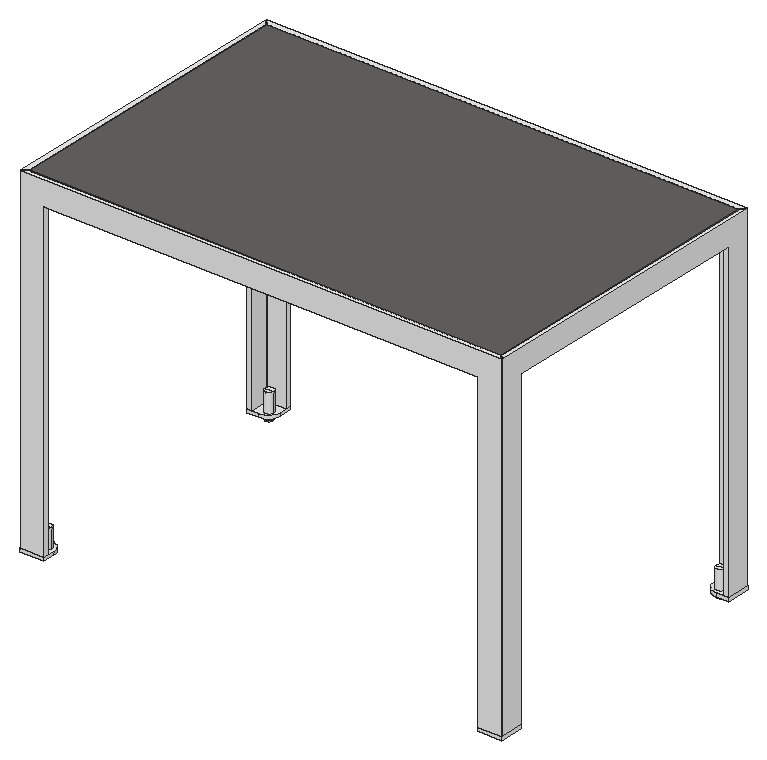
Revit family "Table-Multi_Use-Teknion-PRBA-R2014", category Furniture, Revit 2014
Parameters (values of type "(See Type Catalog)")
  Width = 40.33594"
  Warranty = "http://www.teknionstudio.com/pdfs/Teknion%20Studio%20Warranty.pdf"
  Unit Weight = 0.00 lbf
  URL = "www.teknionstudio.com"
  Table Top Finish = Veneer - Teknion - P7 - Grey Oak
  Series = "B&B Italia"
  Product Page URL = "http://www.teknionstudio.com/progetto1/"
  Product Line = "Progetto"
  Product Documentation Link = "http://www.teknion.com/pricing/studio/pdfs/PRBA_ppg.pdf"
  Part Number = "PRBA"
  Model = ""
  Manufacturer Phone = "919-464-2920"
  Manufacturer Fax = "919-464-2927"
  Manufacturer Email = "customersupport@teknionstudio.com"
  Manufacturer Address = "3941 US 70 Business HWY West, Clayton, NC 27520"
  Manufacturer = "StudioTK"  # constant formula
  Low Emitting Material = yes
  Low Emitting Finish = yes
  Interior Frame Finish = none
  Height = 28.93719"
  Foot Offset = if(Adjustable Foot, 0.625", 0.250")  # 0.625"
  Fixed Foot = not(Adjustable Foot)  # no
  Exterior Frame Finish = Metal - Teknion - C6 - Chrome
  Description = ""
  Depth = 25.76953"
  Assembly Code = "E2020200"
  Adjustable Foot = yes
Reference planes (in)
  plane 1 "Center F/B": y = 0
  plane 2: z = 0
  plane 3 "Center L/R": x = 0
  plane 4 "Left": x = -20.16797
  plane 5 "Right": x = 20.16797
  plane 6 "Back": y = 12.88477
  plane 7 "Front": y = -12.88477
  plane 8 "Top": z = 28.93719
  plane 9: z = 0.625
  plane 10 "Revolve Front": y = -11.61319
  plane 11 "Revolve Back": y = 11.61319
Forms (in)
  Sweep 1, solid, material "Veneer - Teknion - P7 - Grey Oak" <- "Table Top Finish"
    path origin (0, 0, 28.93719) x (-1, 0, 0) y (0, -1, 0)
      loop
        line (19.76655, 0) -> (-19.76655, 0)
    profile origin (0, 0, 28.93719) x (0, 1, 0) y (0, 0, 1)
      loop
        line (12.48335, 0) -> (-12.48335, 0) -> (-12.48335, -0.40625) -> (12.48335, -0.40625) -> (12.48335, 0)
  Sweep 2, solid, material "Metal - Teknion - C6 - Chrome" <- "Exterior Frame Finish"
    path origin (0, 0, 0) x (1, 0, 0) y (0, 0, 1)
      loop
        line (0, 28.93719) -> (0, 0.625)
    profile origin (0, 0, 14.7811) x (0, -1, 0) y (1, 0, 0)
      loop
        line (-10.8641, -19.76655) -> (-12.38506, -19.76655) -> (-12.78648, -20.16797) -> (-10.8641, -20.16797) -> (-10.8641, -19.76655)
      loop
        line (-12.48335, -19.66827) -> (-12.48335, -18.1473) -> (-12.88477, -18.1473) -> (-12.88477, -20.06968) -> (-12.48335, -19.66827)
      loop
        line (-10.8641, 19.76655) -> (-10.8641, 20.16797) -> (-12.78648, 20.16797) -> (-12.38506, 19.76655) -> (-10.8641, 19.76655)
      loop
        line (-12.48335, 19.66827) -> (-12.88477, 20.06968) -> (-12.88477, 18.1473) -> (-12.48335, 18.1473) -> (-12.48335, 19.66827)
      loop
        line (10.8641, 19.76655) -> (12.38506, 19.76655) -> (12.78648, 20.16797) -> (10.8641, 20.16797) -> (10.8641, 19.76655)
      loop
        line (12.48335, 19.66827) -> (12.48335, 18.1473) -> (12.88477, 18.1473) -> (12.88477, 20.06968) -> (12.48335, 19.66827)
      loop
        line (10.8641, -19.76655) -> (10.8641, -20.16797) -> (12.78648, -20.16797) -> (12.38506, -19.76655) -> (10.8641, -19.76655)
      loop
        line (12.48335, -19.66827) -> (12.88477, -20.06968) -> (12.88477, -18.1473) -> (12.48335, -18.1473) -> (12.48335, -19.66827)
  Sweep 3, solid, material "Metal - Teknion - C6 - Chrome" <- "Exterior Frame Finish"
    path origin (0, 0, 28.93719) x (-1, 0, 0) y (0, -1, 0)
      loop
        line (0, 10.8641) -> (0, -10.8641)
    profile origin (0, 0, 28.93719) x (-1, 0, 0) y (0, 0, 1)
      loop
        line (20.16797, 0) -> (19.76655, 0) -> (19.76655, -1.9685) -> (20.16797, -1.9685) -> (20.16797, 0)
      loop
        line (-20.16797, 0) -> (-20.16797, -1.9685) -> (-19.76655, -1.9685) -> (-19.76655, 0) -> (-20.16797, 0)
  Sweep 4, solid, material "Metal - Teknion - C6 - Chrome" <- "Exterior Frame Finish", visible <- "Adjustable Foot"
    path origin (0, 0, 0) x (1, 0, 0) y (0, 0, 1)
      loop
        line (0, 0.376) -> (0, 0.625)
    profile origin (0, 0, 0.5005) x (-1, 0, 0) y (0, -1, 0)
      loop
        line (20.16797, -12.88477) -> (20.16797, -10.8641) -> (19.1473, -10.8641)
        arc (19.1473, -10.8641) -> (18.44019, -11.15699) -> (18.1473, -11.8641) r 1
        line (18.1473, -11.8641) -> (18.1473, -12.88477) -> (20.16797, -12.88477)
      loop
        line (-20.16797, -12.88477) -> (-18.1473, -12.88477) -> (-18.1473, -11.8641)
        arc (-18.1473, -11.8641) -> (-18.44019, -11.15699) -> (-19.1473, -10.8641) r 1
        line (-19.1473, -10.8641) -> (-20.16797, -10.8641) -> (-20.16797, -12.88477)
      loop
        line (-20.16797, 12.88477) -> (-20.16797, 10.8641) -> (-19.1473, 10.8641)
        arc (-19.1473, 10.8641) -> (-18.44019, 11.15699) -> (-18.1473, 11.8641) r 1
        line (-18.1473, 11.8641) -> (-18.1473, 12.88477) -> (-20.16797, 12.88477)
      loop
        line (20.16797, 12.88477) -> (18.1473, 12.88477) -> (18.1473, 11.8641)
        arc (18.1473, 11.8641) -> (18.44019, 11.15699) -> (19.1473, 10.8641) r 1
        line (19.1473, 10.8641) -> (20.16797, 10.8641) -> (20.16797, 12.88477)
  Revolve 5, solid, material "Metal - Teknion - C6 - Chrome" <- "Exterior Frame Finish", visible <- "Adjustable Foot"
    sketch origin (0, -11.61319, 0) x (1, 0, 0) y (0, 0, 1)
      loop
        line (-18.5223, 2.17054) -> (-18.8973, 2.17054) -> (-18.8973, 0) -> (-18.5848, 0) -> (-18.5848, 0.126) -> (-18.5223, 0.126) -> (-18.5223, 2.17054)
      axis (-18.8973, 0) -> (-18.8973, 2.17054)
    angle from 0 to 360
  Sweep 6, solid, material "Metal - Teknion - C6 - Chrome" <- "Exterior Frame Finish", visible <- "Fixed Foot"
    path origin (0, -11.61319, 0) x (1, 0, 0) y (0, 0, 1)
      loop
        line (0, 0.376) -> (0, 0.625)
    profile origin (0, -11.61319, 0.5005) x (-1, 0, 0) y (0, -1, 0)
      loop
        line (18.1473, -24.09654) -> (18.1473, -24.49795) -> (20.16797, -24.49795) -> (20.16797, -22.47729) -> (19.76655, -22.47729) -> (19.76655, -24.09654) -> (18.1473, -24.09654)
      loop
        line (-18.1473, -24.49795) -> (-18.1473, -24.09654) -> (-19.76655, -24.09654) -> (-19.76655, -22.47729) -> (-20.16797, -22.47729) -> (-20.16797, -24.49795) -> (-18.1473, -24.49795)
      loop
        line (-20.16797, -0.74909) -> (-19.76655, -0.74909) -> (-19.76655, 0.87016) -> (-18.1473, 0.87016) -> (-18.1473, 1.27158) -> (-20.16797, 1.27158) -> (-20.16797, -0.74909)
      loop
        line (18.1473, 1.27158) -> (18.1473, 0.87016) -> (19.76655, 0.87016) -> (19.76655, -0.74909) -> (20.16797, -0.74909) -> (20.16797, 1.27158) -> (18.1473, 1.27158)
  Sweep 7, solid, material <- "Interior Frame Finish"
    path origin (0, 0, 28.93719) x (-1, 0, 0) y (0, -1, 0)
      loop
        line (19.76655, -12.48335) -> (19.76655, 12.48335) -> (-19.76655, 12.48335) -> (-19.76655, -12.48335) -> (19.76655, -12.48335)
    profile origin (-19.76655, 0, 28.93719) x (-1, 0, 0) y (0, 0, 1)
      loop
        line (-0.40142, -1.9685) -> (0, -1.9685) -> (0, -0.40625) -> (-0.40142, -0.40625) -> (-0.40142, -1.9685)
  Sweep 8, solid, material "Metal - Teknion - C6 - Chrome" <- "Exterior Frame Finish"
    path origin (0, 0, 28.93719) x (0, 1, 0) y (-1, 0, 0)
      loop
        line (0, 18.1473) -> (0, -18.1473)
    profile origin (0, 0, 28.93719) x (0, 1, 0) y (0, 0, 1)
      loop
        line (12.88477, 0) -> (12.48335, 0) -> (12.48335, -1.9685) -> (12.88477, -1.9685) -> (12.88477, 0)
      loop
        line (-12.88477, 0) -> (-12.88477, -1.9685) -> (-12.48335, -1.9685) -> (-12.48335, 0) -> (-12.88477, 0)
  Revolve 9, solid, material "Metal - Teknion - C6 - Chrome" <- "Exterior Frame Finish", visible <- "Adjustable Foot"
    sketch origin (0, -11.61319, 0) x (-1, 0, 0) y (0, 0, 1)
      loop
        line (-18.5223, 2.17054) -> (-18.8973, 2.17054) -> (-18.8973, 0) -> (-18.5848, 0) -> (-18.5848, 0.126) -> (-18.5223, 0.126) -> (-18.5223, 2.17054)
      axis (-18.8973, 0) -> (-18.8973, 2.17054)
    angle from 0 to 360
  Revolve 10, solid, material "Metal - Teknion - C6 - Chrome" <- "Exterior Frame Finish", visible <- "Adjustable Foot"
    sketch origin (0, 11.61319, 0) x (1, 0, 0) y (0, 0, 1)
      loop
        line (-18.5223, 2.17054) -> (-18.8973, 2.17054) -> (-18.8973, 0) -> (-18.5848, 0) -> (-18.5848, 0.126) -> (-18.5223, 0.126) -> (-18.5223, 2.17054)
      axis (-18.8973, 0) -> (-18.8973, 2.17054)
    angle from 0 to 360
  Revolve 11, solid, material "Metal - Teknion - C6 - Chrome" <- "Exterior Frame Finish", visible <- "Adjustable Foot"
    sketch origin (0, 11.61319, 0) x (1, 0, 0) y (0, 0, 1)
      loop
        line (18.5223, 2.17054) -> (18.5223, 0.126) -> (18.5848, 0.126) -> (18.5848, 0) -> (18.8973, 0) -> (18.8973, 2.17054) -> (18.5223, 2.17054)
      axis (18.8973, 0) -> (18.8973, 2.17054)
    angle from 0 to 360
Cuts and joins
  joined: Sweep 4, Revolve 5, Revolve 9, Revolve 10, Revolve 11
  joined: Sweep 2, Sweep 3, Sweep 8
Lines and regions (in)
  Masking region 1
    outline origin (0, 0, 28.93719) x (-1, 0, 0) y (0, -1, 0)
      loop
        line (20.16797, -12.88477) -> (20.16797, 12.88477) -> (-20.16797, 12.88477) -> (-20.16797, -12.88477) -> (20.16797, -12.88477)
  symbolic lines, detail levels medium+fine
    curve 1: line (-19.76655, 12.48335, 28.93719) -> (-19.76655, -12.48335, 28.93719)
    curve 2: line (-19.76655, -12.48335, 28.93719) -> (19.76655, -12.48335, 28.93719)
    curve 3: line (19.76655, -12.48335, 28.93719) -> (19.76655, 12.48335, 28.93719)
    curve 4: line (19.76655, 12.48335, 28.93719) -> (-19.76655, 12.48335, 28.93719)
  symbolic lines, style "FurnitureHiddenLines", detail levels fine
    curve 5: line (-19.36514, 12.08193, 28.93719) -> (19.36514, 12.08193, 28.93719)
    curve 6: line (-19.36514, -12.08193, 28.93719) -> (-19.36514, 12.08193, 28.93719)
    curve 7: line (19.36514, -12.08193, 28.93719) -> (-19.36514, -12.08193, 28.93719)
    curve 8: line (19.36514, 12.08193, 28.93719) -> (19.36514, -12.08193, 28.93719)
Dimensions and locks (in)
  equal spacing: plane 4 "Left", plane 3 "Center L/R", plane 5 "Right"
  equal spacing: plane 6 "Back", plane 1 "Center F/B", plane 7 "Front"
  locked: Sweep 1 sketch curve to plane 5 "Right" at 0.40142
  locked: plane 4 "Left" to Sweep 1 sketch curve at 0.40142
  locked: plane 8 "Top" to Sweep 1 sketch curve at 0.40625
  locked: plane 6 "Back" to Sweep 1 sketch curve at 0.40142
  locked: Sweep 1 sketch curve to plane 7 "Front" at 0.40142
  locked: plane 4 "Left" to Sweep 2 sketch curve at 2.02067  (x2)
  locked: Sweep 2 sketch curve to plane 7 "Front" at 2.02067
  locked: plane 4 "Left" to Sweep 2 sketch curve at 0.40142  (x2)
  locked: plane 7 "Front" to Sweep 2 sketch curve at 0.40142
  locked: Sweep 2 sketch curve to plane 7 "Front" at 0.40142
  locked: Sweep 2 sketch curve to plane 5 "Right" at 0.40142  (x2)
  locked: plane 7 "Front" to Sweep 2 sketch curve at 2.02067
  locked: Sweep 2 sketch curve to plane 5 "Right" at 2.02067  (x2)
  locked: plane 9 to Sweep 4 sketch curve at 0.249
  "Width": plane 4 "Left" to plane 5 "Right"
  "Depth": plane 6 "Back" to plane 7 "Front"
  locked: plane 4 "Left" to Sweep 4 sketch curve at 1.02067  (x2)
  locked: plane 6 "Back" to Sweep 4 sketch curve at 1.02067  (x2)
  locked: Sweep 4 sketch curve to plane 5 "Right" at 1.02067  (x2)
  locked: plane 7 "Front" to Sweep 4 sketch curve at 1.02067  (x2)
  locked: Revolve 5 sketch curve to Revolve 5 sketch curve at 0.375
  locked: Revolve 5 sketch curve to Revolve 5 sketch curve at 0.3125
  locked: plane 6 "Back" to Sweep 2 sketch curve at 2.02067
  locked: Sweep 2 sketch curve to plane 6 "Back" at 0.40142
  locked: plane 6 "Back" to Sweep 2 sketch curve at 0.40142
  locked: Sweep 2 sketch curve to plane 6 "Back" at 2.02067
  locked: Revolve 5 sketch curve to plane 4 "Left" at 1.27067
  locked: Revolve 5 sketch curve to plane 2 at 2.17054
  locked: plane 7 "Front" to plane 10 "Revolve Front" at 1.27158
  locked: plane 6 "Back" to plane 11 "Revolve Back" at 1.27158
  locked: plane 9 to Sweep 6 sketch curve at 0.249
  "Foot Offset": plane 9 to plane 2
  locked: plane 4 "Left" to Sweep 7 sketch curve at 0.40142
  locked: Sweep 7 sketch curve to plane 5 "Right" at 0.40142
  locked: Sweep 7 sketch curve to plane 6 "Back" at 0.40142
  locked: plane 7 "Front" to Sweep 7 sketch curve at 0.40142
  locked: profile plane to Sweep 7 sketch curve at 0.40142
  locked: profile plane to Sweep 7 sketch curve at 1.9685
  locked: plane 8 "Top" to Sweep 7 sketch curve at 0.40625
  locked: plane 4 "Left" to Sweep 3 sketch curve at 0.40142
  locked: plane 8 "Top" to Sweep 3 sketch curve at 1.9685  (x2)
  locked: Sweep 3 sketch curve to plane 5 "Right" at 0.40142
  locked: plane 6 "Back" to Sweep 8 sketch curve at 0.40142
  locked: plane 8 "Top" to Sweep 8 sketch curve at 1.9685
  locked: Sweep 8 sketch curve to plane 7 "Front" at 0.40142
  locked: Sweep 8 sketch curve to plane 8 "Top" at 1.9685
  locked: plane 7 "Front" to Sweep 3 sketch curve at 2.02067
  locked: plane 6 "Back" to Sweep 3 sketch curve at 2.02067
  locked: plane 4 "Left" to Sweep 8 sketch curve at 2.02067
  locked: Sweep 8 sketch curve to plane 5 "Right" at 2.02067
  locked: Revolve 9 sketch curve to Revolve 9 sketch curve at 0.375
  locked: Revolve 9 sketch curve to Revolve 9 sketch curve at 0.3125
  locked: plane 5 "Right" to Revolve 9 sketch curve at 1.27067
  locked: Revolve 9 sketch curve to plane 2 at 2.17054
  locked: Revolve 10 sketch curve to Revolve 10 sketch curve at 0.375
  locked: Revolve 10 sketch curve to Revolve 10 sketch curve at 0.3125
  locked: Revolve 11 sketch curve to Revolve 11 sketch curve at 0.375
  locked: Revolve 11 sketch curve to Revolve 11 sketch curve at 0.3125
  locked: Revolve 10 sketch curve to plane 4 "Left" at 1.27067
  locked: Revolve 10 sketch curve to plane 2 at 2.17054
  locked: plane 5 "Right" to Revolve 11 sketch curve at 1.27067
  locked: Revolve 11 sketch curve to plane 2 at 2.17054
  locked: Sweep 2 sketch curve to Sweep 2 sketch curve at 0.139  (x4)
  locked: curve 8 to plane 5 "Right" at 0.80283
  locked: plane 4 "Left" to curve 6 at 0.80283
  locked: plane 7 "Front" to curve 7 at 0.80283
  locked: plane 6 "Back" to curve 5 at 0.80283
  locked: Revolve 5 sketch curve to plane 2 at 0.126
  locked: Revolve 10 sketch curve to plane 2 at 0.126
  locked: Revolve 9 sketch curve to plane 2 at 0.126
  locked: Revolve 11 sketch curve to plane 2 at 0.126
  aligned and locked: level to plane 2
  aligned and locked: plane 1 "Center F/B" to Sweep 1 sketch curve
  aligned and locked: Sweep 1 sketch curve to plane 8 "Top"
  aligned and locked: plane 8 "Top" to Sweep 2 sketch curve
  aligned and locked: plane 9 to Sweep 2 sketch curve
  aligned and locked: Sweep 2 sketch curve to plane 3 "Center L/R"
  aligned and locked: plane 4 "Left" to Sweep 2 sketch curve  (x2)
  aligned and locked: Sweep 2 sketch curve to plane 6 "Back"
  aligned and locked: plane 6 "Back" to Sweep 2 sketch curve
  aligned and locked: Sweep 2 sketch curve to plane 5 "Right"
  aligned and locked: Sweep 2 sketch curve to plane 7 "Front"
  aligned and locked: plane 5 "Right" to Sweep 2 sketch curve
  aligned and locked: plane 7 "Front" to Sweep 2 sketch curve
  aligned and locked: plane 3 "Center L/R" to Sweep 4 sketch curve
  aligned and locked: plane 9 to Sweep 4 sketch curve
  aligned and locked: Sweep 4 sketch curve to plane 4 "Left"
  aligned and locked: Sweep 4 sketch curve to plane 6 "Back"
  aligned and locked: plane 7 "Front" to Sweep 4 sketch curve
  aligned and locked: plane 4 "Left" to Sweep 4 sketch curve
  aligned and locked: plane 5 "Right" to Sweep 4 sketch curve
  aligned and locked: Sweep 4 sketch curve to plane 7 "Front"
  aligned and locked: Sweep 4 sketch curve to plane 5 "Right"
  aligned and locked: plane 6 "Back" to Sweep 4 sketch curve
  aligned and locked: Revolve 5 sketch curve to Revolve 5 sketch curve
  aligned and locked: plane 3 "Center L/R" to Sweep 6 sketch curve
  aligned and locked: plane 9 to Sweep 6 sketch curve
  aligned and locked: Sweep 6 sketch curve to Sweep 2  (x24)
  aligned and locked: profile plane to Sweep 7 sketch curve
  aligned and locked: plane 3 "Center L/R" to Sweep 3 sketch curve
  aligned and locked: plane 4 "Left" to Sweep 3 sketch curve
  aligned and locked: Sweep 3 sketch curve to plane 8 "Top"
  aligned and locked: plane 5 "Right" to Sweep 3 sketch curve
  aligned and locked: plane 8 "Top" to Sweep 3 sketch curve
  aligned and locked: plane 1 "Center F/B" to Sweep 8 sketch curve
  aligned and locked: Sweep 8 sketch curve to plane 8 "Top"
  aligned and locked: Sweep 8 sketch curve to plane 6 "Back"
  aligned and locked: plane 7 "Front" to Sweep 8 sketch curve
  aligned and locked: plane 8 "Top" to Sweep 8 sketch curve
  aligned and locked: Revolve 9 sketch curve to Revolve 9 sketch curve
  aligned and locked: plane 2 to Revolve 9 sketch curve
  aligned and locked: Revolve 10 sketch curve to Revolve 10 sketch curve
  aligned and locked: Revolve 11 sketch curve to Revolve 11 sketch curve
  aligned and locked: plane 2 to Revolve 11 sketch curve
  aligned and locked: Masking region 1 sketch curve to plane 4 "Left"
  aligned and locked: Masking region 1 sketch curve to plane 6 "Back"
  aligned and locked: Masking region 1 sketch curve to plane 7 "Front"
  aligned and locked: Masking region 1 sketch curve to plane 5 "Right"
  aligned and locked: curve 1 to Sweep 1
  aligned and locked: curve 2 to Sweep 1
  aligned and locked: curve 3 to Sweep 1
  aligned and locked: curve 4 to Sweep 1
  aligned and locked: Revolve 5 sketch curve to plane 2
  aligned and locked: Revolve 10 sketch curve to plane 2
Automatic sketch dimensions
  Sweep 4 sketch curve to Sweep 4 sketch curve = 1.000"  (x4)
  Revolve 5 sketch curve to Revolve 5 sketch curve = 0.28131"
  Revolve 5 sketch curve to Revolve 5 sketch curve = 0.04815"
  Revolve 9 sketch curve to Revolve 9 sketch curve = 0.28131"
  Revolve 9 sketch curve to Revolve 9 sketch curve = 0.04815"
  Revolve 10 sketch curve to Revolve 10 sketch curve = 0.28131"
  Revolve 10 sketch curve to Revolve 10 sketch curve = 0.04815"
  Revolve 11 sketch curve to Revolve 11 sketch curve = 0.28131"
  Revolve 11 sketch curve to Revolve 11 sketch curve = 0.04815"
  Sweep 2 sketch curve to Sweep 2 sketch curve = 0.09829"  (x8)
